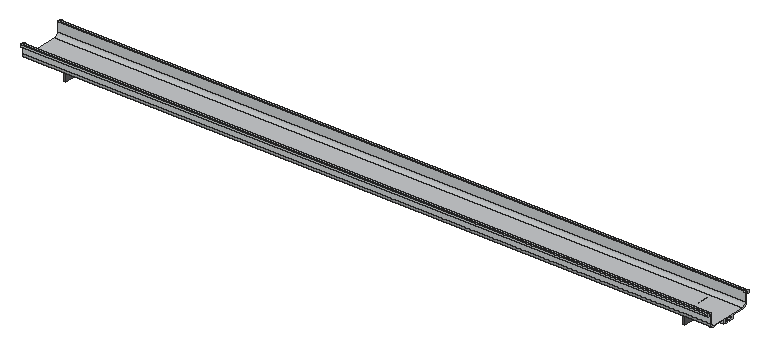
Revit family "Richelieu_Gola_Channel_Profiles_2025", category Generic Models, Revit 2025 (continued)
Automatic sketch dimensions
  Extrusion 57 sketch curve to Extrusion 57 sketch curve = 5.562 mm  (x2)
  Extrusion 57 sketch curve to Extrusion 57 sketch curve = 0.131 mm  (x2)
  Extrusion 57 sketch curve to Extrusion 57 sketch curve = 0.138 mm
  Extrusion 57 sketch curve to Extrusion 57 sketch curve = 0 mm  (x2)
  Extrusion 57 sketch curve to Extrusion 57 sketch curve = 36.5 mm
  Extrusion 57 sketch curve to Extrusion 57 sketch curve = 0.007 mm
  level to Extrusion 57 sketch curve = 30.9 mm
  Extrusion 57 sketch curve to Extrusion 57 sketch curve = 5.6 mm
  Extrusion 57 sketch curve to Extrusion 57 sketch curve = 0.2 mm  (x2)
  level to Extrusion 57 sketch curve = 30.7 mm
  Extrusion 57 sketch curve to Extrusion 57 sketch curve = 4.9 mm  (x2)
  Extrusion 57 sketch curve to Extrusion 57 sketch curve = 5.1 mm
  Extrusion 57 sketch curve to Extrusion 57 sketch curve = 4.7 mm  (x2)
  Extrusion 58 sketch curve to level = 0 mm  (x2)
  Extrusion 58 sketch curve to plane 1 "Center (Front/Back)" = 18.25 mm
  Extrusion 58 sketch curve to Extrusion 58 sketch curve = 0 mm  (x3)
  Extrusion 58 sketch curve to Extrusion 58 sketch curve = 1.2 mm  (x8)
  Extrusion 58 sketch curve to Extrusion 58 sketch curve = 6.105 mm  (x3)
  Extrusion 58 sketch curve to Extrusion 58 sketch curve = 0.373 mm  (x2)
  Extrusion 58 sketch curve to Extrusion 58 sketch curve = 0.834 mm  (x2)
  Extrusion 58 sketch curve to Extrusion 58 sketch curve = 0.923 mm
  Extrusion 58 sketch curve to Extrusion 58 sketch curve = 0.089 mm  (x2)
  Extrusion 58 sketch curve to Extrusion 58 sketch curve = 1.9 mm  (x3)
  level to Extrusion 58 sketch curve = 2.8 mm
  Extrusion 58 sketch curve to Extrusion 58 sketch curve = 9 mm
  Extrusion 58 sketch curve to Extrusion 58 sketch curve = 1.6 mm
  Extrusion 58 sketch curve to Extrusion 58 sketch curve = 1.655 mm  (x2)
  Extrusion 58 sketch curve to Extrusion 58 sketch curve = 0.145 mm  (x2)
  Extrusion 58 sketch curve to Extrusion 58 sketch curve = 0.55 mm  (x2)
  Extrusion 58 sketch curve to Extrusion 58 sketch curve = 17 mm  (x2)
Types (5, lengths in mm): name | Type VS | Type VD | Type HL | Type HC | Stock Length | Show Mounting Clips | Profile Width | Profile Type | Profile Height | Open End Cap Product | Model | Manufacturer Product Number | Internal Joint Product | HL clips | HC clips | Grip Configuration | External Joint Product | Description | Closed End Cap Product | Application
  (no name) | no | yes | no | no | 4400 | no | 66.5 | "VD" | 36.6 | "Not specified for vertical profiles" | "70010190440170" | "70010190440170" | "Not applicable" | no | no | "Double" | "Not applicable" | "Vertical - Double Grip; line based length with endpoint grips" | "Not specified for vertical profiles" | "Vertical"
  Horizontal - C - Double Grip | no | no | no | yes | 4100 | yes | 26 | "HC" | 72.7 | "7001045170" | "70010040410170" | "70010040410170" | "7001016I170" | no | yes | "Double" | "7001016E170" | "Horizontal - C - Double Grip; line based length with endpoint grips" | "7001046170" | "Horizontal"
  Horizontal - L - Single Grip | no | no | yes | no | 4100 | yes | 27 | "HL" | 56 | "7001013170" | "70010050410170" | "70010050410170" | "7001017I170" | yes | no | "Single" | "7001015E170" | "Horizontal - L - Single Grip; line based length with endpoint grips" | "7001044170" | "Horizontal"
  Vertical - Single Grip | yes | no | no | no | 4400 | no | 48.25 | "VS" | 36.6 | "Not specified for vertical profiles" | "70010200440170" | "70010200440170" | "Not applicable" | no | no | "Single" | "Not applicable" | "Vertical - Single Grip; line based length with endpoint grips" | "Not specified for vertical profiles" | "Vertical"
  Vertical - Double Grip | no | yes | no | no | 4400 | no | 66.5 | "VD" | 36.6 | "Not specified for vertical profiles" | "70010190440170" | "70010190440170" | "Not applicable" | no | no | "Double" | "Not applicable" | "Vertical - Double Grip; line based length with endpoint grips" | "Not specified for vertical profiles" | "Vertical"
